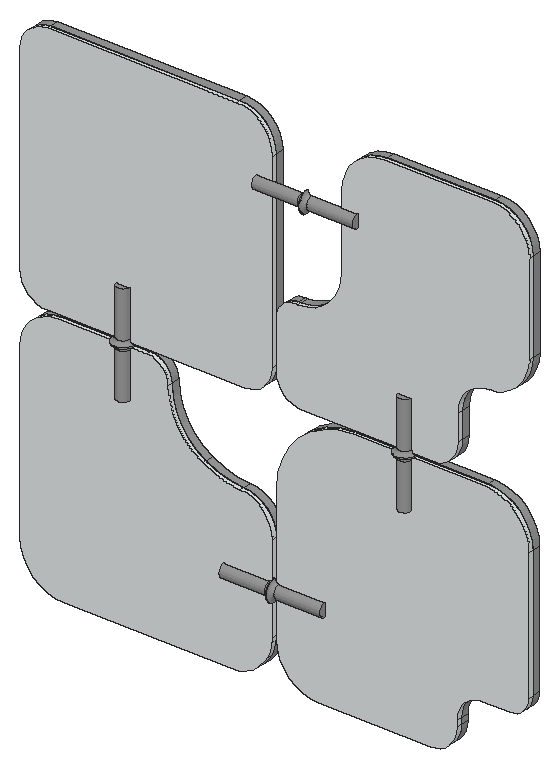
Revit family "ESPELHO BAMBU", category Sistema de mobiliário, Revit 2021
Family settings
  Cota do conector redondo = Utilizar diâmetro
  Tipo de parte = Normal
  Com base no plano de trabalho = Não
  Sempre na vertical = Sim
  Corte com vazios quando carregada = Não
  Compartilhado = Não
  Ponto de cálculo do ambiente = Não
Parameters
  Elevação padrão = 0.0 cm
Reference planes (cm)
  plane 1 "Centro (Frente/Trás)": y = 0
  plane 2: z = 0
  plane 3 "Centro (Esquerda/Direita)": x = 0
  plane 4: x = -22.5
  plane 5: x = 22.5
  plane 6: y = -25.5
  plane 7: y = 25.5
Forms (cm)
  Extrusion 1, solid, material "_LR. ESPELHO"
    sketch origin (0, 0, 0) x (1, 0, 0) y (0, 0, 1)
      loop
        line (41.851, 115.5437) -> (41.851, 68.5437)
        arc (41.851, 68.5437) -> (43.7548, 63.9475) -> (48.351, 62.0437) r 6.5
        line (48.351, 62.0437) -> (95.351, 62.0437)
        arc (95.351, 62.0437) -> (99.9472, 63.9475) -> (101.851, 68.5437) r 6.5
        line (101.851, 68.5437) -> (101.851, 113.5437)
        arc (101.851, 113.5437) -> (99.3614, 119.5541) -> (93.351, 122.0437) r 8.5
        line (93.351, 122.0437) -> (48.351, 122.0437)
        arc (48.351, 122.0437) -> (43.7548, 120.1399) -> (41.851, 115.5437) r 6.5
    from 0 to 1
  Extrusion 2, solid, material ".LR_MADEIRA NOGUEIRA THAY"
    sketch origin (0, 2, 0) x (1, 0, 0) y (0, 0, 1)
      loop
        line (41.851, 115.5437) -> (41.851, 68.5437)
        arc (41.851, 68.5437) -> (43.7548, 63.9475) -> (48.351, 62.0437) r 6.5
        line (48.351, 62.0437) -> (95.351, 62.0437)
        arc (95.351, 62.0437) -> (99.9472, 63.9475) -> (101.851, 68.5437) r 6.5
        line (101.851, 68.5437) -> (101.851, 113.5437)
        arc (101.851, 113.5437) -> (99.3614, 119.5541) -> (93.351, 122.0437) r 8.5
        line (93.351, 122.0437) -> (48.351, 122.0437)
        arc (48.351, 122.0437) -> (43.7548, 120.1399) -> (41.851, 115.5437) r 6.5
    from 0 to 2
  Extrusion 3, solid, material "_LR. ESPELHO"
    sketch origin (0, 0, 0) x (1, 0, 0) y (0, 0, 1)
      loop
        arc (128.3803, 122.115) -> (121.3086, 119.1858) -> (118.3794, 112.1141) r 10.0009
        line (118.3794, 112.1141) -> (118.3794, 94.625)
        arc (118.3794, 94.625) -> (115.303, 87.198) -> (107.8761, 84.1217) r 10.5033
        line (107.8761, 84.1217) -> (107.3606, 84.1217)
        arc (107.3606, 84.1217) -> (104.1718, 82.8008) -> (102.851, 79.612) r 4.5097
        line (102.851, 79.612) -> (102.851, 68.0577)
        arc (102.851, 68.0577) -> (104.625, 63.7749) -> (108.9078, 62.0009) r 6.0568
        line (108.9078, 62.0009) -> (139.8619, 62.0009)
        arc (139.8619, 62.0009) -> (144.2653, 63.8248) -> (146.0892, 68.2283) r 6.2274
        line (146.0892, 68.2283) -> (146.0892, 74.5696)
        arc (146.0892, 74.5696) -> (148.2725, 79.8405) -> (153.5434, 82.0237) r 7.4542
        line (153.5434, 82.0237) -> (153.1782, 82.0237)
        arc (153.1782, 82.0237) -> (160.038, 84.8652) -> (162.8794, 91.7249) r 9.7012
        line (162.8794, 91.7249) -> (162.8794, 113.2627)
        arc (162.8794, 113.2627) -> (160.2866, 119.5222) -> (154.0271, 122.115) r 8.8523
        line (154.0271, 122.115) -> (128.3803, 122.115)
    from 0 to 1
  Extrusion 4, solid, material "_LR. ESPELHO"
    sketch origin (0, 0, 0) x (1, 0, 0) y (0, 0, 1)
      loop
        line (52.351, 1.0437) -> (91.851, 1.0437)
        arc (91.851, 1.0437) -> (98.922, 3.9727) -> (101.851, 11.0437) r 10
        line (101.851, 11.0437) -> (101.851, 31.8886)
        arc (101.851, 31.8886) -> (99.6209, 37.4301) -> (94.174, 39.8821) r 8
        arc (94.174, 39.8821) -> (89.5349, 40.6078) -> (85.1828, 42.3704) r 20.4954
        arc (85.1828, 42.3704) -> (79.2425, 48.0965) -> (77.0507, 56.0508) r 15.6107
        arc (77.0507, 56.0508) -> (75.5837, 59.5818) -> (72.0507, 61.0437) r 5
        line (72.0507, 61.0437) -> (50.851, 61.0437)
        arc (50.851, 61.0437) -> (44.487, 58.4077) -> (41.851, 52.0437) r 9
        line (41.851, 52.0437) -> (41.851, 11.5437)
        arc (41.851, 11.5437) -> (44.9263, 4.1191) -> (52.351, 1.0437) r 10.5
    from 0 to 1
  Extrusion 5, solid, material ".LR_MADEIRA NOGUEIRA THAY"
    sketch origin (0, 1, 0) x (1, 0, 0) y (0, 0, 1)
      loop
        arc (128.3803, 122.115) -> (121.3086, 119.1858) -> (118.3794, 112.1141) r 10.0009
        line (118.3794, 112.1141) -> (118.3794, 94.625)
        arc (118.3794, 94.625) -> (115.303, 87.198) -> (107.8761, 84.1217) r 10.5033
        line (107.8761, 84.1217) -> (107.3606, 84.1217)
        arc (107.3606, 84.1217) -> (104.1718, 82.8008) -> (102.851, 79.612) r 4.5097
        line (102.851, 79.612) -> (102.851, 68.0577)
        arc (102.851, 68.0577) -> (104.625, 63.7749) -> (108.9078, 62.0009) r 6.0568
        line (108.9078, 62.0009) -> (139.8619, 62.0009)
        arc (139.8619, 62.0009) -> (144.2653, 63.8248) -> (146.0892, 68.2283) r 6.2274
        line (146.0892, 68.2283) -> (146.0892, 74.5696)
        arc (146.0892, 74.5696) -> (148.2725, 79.8405) -> (153.5434, 82.0237) r 7.4542
        line (153.5434, 82.0237) -> (153.1782, 82.0237)
        arc (153.1782, 82.0237) -> (160.038, 84.8652) -> (162.8794, 91.7249) r 9.7012
        line (162.8794, 91.7249) -> (162.8794, 113.2627)
        arc (162.8794, 113.2627) -> (160.2866, 119.5222) -> (154.0271, 122.115) r 8.8523
        line (154.0271, 122.115) -> (128.3803, 122.115)
    from -1 to 1
  Extrusion 6, solid, material ".LR_MADEIRA NOGUEIRA THAY"
    sketch origin (0, 1, 0) x (1, 0, 0) y (0, 0, 1)
      loop
        line (52.351, 1.0437) -> (91.851, 1.0437)
        arc (91.851, 1.0437) -> (98.922, 3.9727) -> (101.851, 11.0437) r 10
        line (101.851, 11.0437) -> (101.851, 31.8886)
        arc (101.851, 31.8886) -> (99.6209, 37.4301) -> (94.174, 39.8821) r 8
        arc (94.174, 39.8821) -> (89.5349, 40.6078) -> (85.1828, 42.3704) r 20.4954
        arc (85.1828, 42.3704) -> (79.2425, 48.0965) -> (77.0507, 56.0508) r 15.6107
        arc (77.0507, 56.0508) -> (75.5837, 59.5818) -> (72.0507, 61.0437) r 5
        line (72.0507, 61.0437) -> (50.851, 61.0437)
        arc (50.851, 61.0437) -> (44.487, 58.4077) -> (41.851, 52.0437) r 9
        line (41.851, 52.0437) -> (41.851, 11.5437)
        arc (41.851, 11.5437) -> (44.9263, 4.1191) -> (52.351, 1.0437) r 10.5
    from -1 to 1
  Extrusion 7, solid, material "_LR. ESPELHO"
    sketch origin (0, -1, 0) x (1, 0, 0) y (0, 0, 1)
      loop
        arc (139.351, 1.0437) -> (143.9472, 2.9475) -> (145.851, 7.5437) r 6.5
        line (145.851, 7.5437) -> (145.851, 9.0437)
        arc (145.851, 9.0437) -> (147.6083, 13.2864) -> (151.851, 15.0437) r 6
        line (151.851, 15.0437) -> (158.351, 15.0437)
        arc (158.351, 15.0437) -> (161.5329, 16.3618) -> (162.851, 19.5437) r 4.5
        line (162.851, 19.5437) -> (162.851, 50.5437)
        arc (162.851, 50.5437) -> (159.7756, 57.9684) -> (152.351, 61.0437) r 10.5
        line (152.351, 61.0437) -> (120.851, 61.0437)
        arc (120.851, 61.0437) -> (108.123, 55.7717) -> (102.851, 43.0437) r 18
        line (102.851, 43.0437) -> (102.851, 11.0437)
        arc (102.851, 11.0437) -> (105.7799, 3.9727) -> (112.851, 1.0437) r 10
        line (112.851, 1.0437) -> (139.351, 1.0437)
    from -1 to 0
  Extrusion 8, solid, material ".LR_MADEIRA NOGUEIRA THAY"
    sketch origin (0, 0, 0) x (1, 0, 0) y (0, 0, 1)
      loop
        arc (139.351, 1.0437) -> (143.9472, 2.9475) -> (145.851, 7.5437) r 6.5
        line (145.851, 7.5437) -> (145.851, 9.0437)
        arc (145.851, 9.0437) -> (147.6083, 13.2864) -> (151.851, 15.0437) r 6
        line (151.851, 15.0437) -> (158.351, 15.0437)
        arc (158.351, 15.0437) -> (161.5329, 16.3618) -> (162.851, 19.5437) r 4.5
        line (162.851, 19.5437) -> (162.851, 50.5437)
        arc (162.851, 50.5437) -> (159.7756, 57.9684) -> (152.351, 61.0437) r 10.5
        line (152.351, 61.0437) -> (120.851, 61.0437)
        arc (120.851, 61.0437) -> (108.123, 55.7717) -> (102.851, 43.0437) r 18
        line (102.851, 43.0437) -> (102.851, 11.0437)
        arc (102.851, 11.0437) -> (105.7799, 3.9727) -> (112.851, 1.0437) r 10
        line (112.851, 1.0437) -> (139.351, 1.0437)
    from -2 to 0
  Revolve 9, solid, material ".LR_MADEIRA NOGUEIRA THAY"
    sketch origin (41.8226, -1, 122.0993) x (-1, 0, 0) y (0, 0, -1)
      loop
        line (-24.4991, 48.5) -> (-22.9991, 48.5) -> (-22.9991, 59.3975)
        arc (-22.9991, 59.3975) -> (-22.7062, 60.1046) -> (-21.9991, 60.3975) r 1
        line (-21.9991, 60.3975) -> (-21.9991, 60.6025)
        arc (-21.9991, 60.6025) -> (-22.7062, 60.8954) -> (-22.9991, 61.6025) r 1
        line (-22.9991, 61.6025) -> (-22.9991, 72.5) -> (-24.4991, 72.5) -> (-24.4991, 48.5)
      axis (-24.4991, 48.5) -> (-24.4991, 72.5)
    angle from 0 to 360
  Revolve 10, solid, material ".LR_MADEIRA NOGUEIRA THAY"
    sketch origin (49.5766, -1, 82.355) x (0, 0, -1) y (1, 0, 0)
      loop
        line (-24.4991, 48.5) -> (-22.9991, 48.5) -> (-22.9991, 59.3975)
        arc (-22.9991, 59.3975) -> (-22.7062, 60.1046) -> (-21.9991, 60.3975) r 1
        line (-21.9991, 60.3975) -> (-21.9991, 60.6025)
        arc (-21.9991, 60.6025) -> (-22.7062, 60.8954) -> (-22.9991, 61.6025) r 1
        line (-22.9991, 61.6025) -> (-22.9991, 72.5) -> (-24.4991, 72.5) -> (-24.4991, 48.5)
      axis (-24.4991, 48.5) -> (-24.4991, 72.5)
    angle from 0 to 360
  Revolve 11, solid, material ".LR_MADEIRA NOGUEIRA THAY"
    sketch origin (108.8226, -1, 122.0993) x (-1, 0, 0) y (0, 0, -1)
      loop
        line (-24.4991, 48.5) -> (-22.9991, 48.5) -> (-22.9991, 59.3975)
        arc (-22.9991, 59.3975) -> (-22.7062, 60.1046) -> (-21.9991, 60.3975) r 1
        line (-21.9991, 60.3975) -> (-21.9991, 60.6025)
        arc (-21.9991, 60.6025) -> (-22.7062, 60.8954) -> (-22.9991, 61.6025) r 1
        line (-22.9991, 61.6025) -> (-22.9991, 72.5) -> (-24.4991, 72.5) -> (-24.4991, 48.5)
      axis (-24.4991, 48.5) -> (-24.4991, 72.5)
    angle from 0 to 360
  Revolve 12, solid, material ".LR_MADEIRA NOGUEIRA THAY"
    sketch origin (42.5205, -1, -3.1323) x (0, 0, -1) y (1, 0, 0)
      loop
        line (-24.4991, 47.8125) -> (-22.9991, 47.8125) -> (-22.9991, 58.71)
        arc (-22.9991, 58.71) -> (-22.7062, 59.4171) -> (-21.9991, 59.71) r 1
        line (-21.9991, 59.71) -> (-21.9991, 59.915)
        arc (-21.9991, 59.915) -> (-22.7062, 60.2079) -> (-22.9991, 60.915) r 1
        line (-22.9991, 60.915) -> (-22.9991, 71.8125) -> (-24.4991, 71.8125) -> (-24.4991, 47.8125)
      axis (-24.4991, 47.8125) -> (-24.4991, 71.8125)
    angle from 0 to 360
  Extrusion 13, void
    sketch origin (41.851, 2, 122.0437) x (0, 0, 1) y (0, -1, 0)
      loop
        line (0, 3) -> (-121, 3) -> (-121, 0) -> (0, 0) -> (0, 3)
    from 0 to 121.0284
Cuts and joins
  Extrusion 13 cuts Revolve 9
  Extrusion 13 cuts Revolve 10
  Extrusion 13 cuts Revolve 12
  Extrusion 13 cuts Revolve 11
Dimensions and locks (cm)
  equal spacing: plane 6, plane 1 "Centro (Frente/Trás)", plane 7
  equal spacing: plane 4, plane 3 "Centro (Esquerda/Direita)", plane 5
  aligned and locked: level to plane 2
Automatic sketch dimensions
  plane 5 to Extrusion 1 sketch curve = 19.351 cm
  Extrusion 1 sketch curve to Extrusion 1 sketch curve = 6.5 cm  (x2)
  Extrusion 1 sketch curve to Extrusion 1 sketch curve = 45.0 cm  (x2)
  Extrusion 1 sketch curve to Extrusion 1 sketch curve = 47.0 cm
  Extrusion 1 sketch curve to Extrusion 1 sketch curve = 8.5 cm
  level to Extrusion 1 sketch curve = 62.0437 cm
  plane 5 to Extrusion 2 sketch curve = 19.351 cm
  Extrusion 2 sketch curve to Extrusion 2 sketch curve = 6.5 cm  (x2)
  Extrusion 2 sketch curve to Extrusion 2 sketch curve = 45.0 cm  (x2)
  Extrusion 2 sketch curve to Extrusion 2 sketch curve = 47.0 cm
  Extrusion 2 sketch curve to Extrusion 2 sketch curve = 8.5 cm
  level to Extrusion 2 sketch curve = 62.0437 cm
  plane 5 to Extrusion 3 sketch curve = 80.351 cm
  Extrusion 3 sketch curve to Extrusion 3 sketch curve = 4.5097 cm
  Extrusion 3 sketch curve to Extrusion 3 sketch curve = 0.5155 cm
  Extrusion 3 sketch curve to Extrusion 3 sketch curve = 6.0568 cm
  Extrusion 3 sketch curve to Extrusion 3 sketch curve = 10.5033 cm
  Extrusion 3 sketch curve to Extrusion 3 sketch curve = 10.0009 cm
  Extrusion 3 sketch curve to Extrusion 3 sketch curve = 30.9541 cm
  Extrusion 3 sketch curve to Extrusion 3 sketch curve = 6.2274 cm
  Extrusion 3 sketch curve to Extrusion 3 sketch curve = 7.0889 cm
  Extrusion 3 sketch curve to Extrusion 3 sketch curve = 7.4542 cm
  Extrusion 3 sketch curve to Extrusion 3 sketch curve = 0.8489 cm
  Extrusion 3 sketch curve to Extrusion 3 sketch curve = 8.8523 cm
  level to Extrusion 3 sketch curve = 62.0009 cm
  Extrusion 3 sketch curve to Extrusion 3 sketch curve = 6.3413 cm
  Extrusion 3 sketch curve to Extrusion 3 sketch curve = 11.5543 cm
  Extrusion 3 sketch curve to Extrusion 3 sketch curve = 17.4891 cm
  plane 5 to Extrusion 4 sketch curve = 19.351 cm
  Extrusion 4 sketch curve to Extrusion 4 sketch curve = 9.0 cm
  Extrusion 4 sketch curve to Extrusion 4 sketch curve = 10.5 cm
  Extrusion 4 sketch curve to Extrusion 4 sketch curve = 21.1998 cm
  level to Extrusion 4 sketch curve = 1.0437 cm
  Extrusion 4 sketch curve to Extrusion 4 sketch curve = 39.5 cm
  Extrusion 4 sketch curve to Extrusion 4 sketch curve = 20.6106 cm
  Extrusion 4 sketch curve to Extrusion 4 sketch curve = 2.0 cm
  Extrusion 4 sketch curve to Extrusion 4 sketch curve = 2.3402 cm
  Extrusion 4 sketch curve to Extrusion 4 sketch curve = 10.0 cm
  Extrusion 4 sketch curve to Extrusion 4 sketch curve = 20.8448 cm
  Extrusion 4 sketch curve to Extrusion 4 sketch curve = 40.5 cm
  Extrusion 4 sketch curve to Extrusion 4 sketch curve = 5.0 cm
  Extrusion 4 sketch curve to Extrusion 4 sketch curve = 0.0293 cm
  Extrusion 4 sketch curve to Extrusion 4 sketch curve = 4.2877 cm
  Extrusion 4 sketch curve to Extrusion 4 sketch curve = 0.0 cm  (x2)
  plane 5 to Extrusion 5 sketch curve = 80.351 cm
  Extrusion 5 sketch curve to Extrusion 5 sketch curve = 4.5097 cm
  Extrusion 5 sketch curve to Extrusion 5 sketch curve = 0.5155 cm
  Extrusion 5 sketch curve to Extrusion 5 sketch curve = 6.0568 cm
  Extrusion 5 sketch curve to Extrusion 5 sketch curve = 10.5033 cm
  Extrusion 5 sketch curve to Extrusion 5 sketch curve = 10.0009 cm
  Extrusion 5 sketch curve to Extrusion 5 sketch curve = 30.9541 cm
  Extrusion 5 sketch curve to Extrusion 5 sketch curve = 6.2274 cm
  Extrusion 5 sketch curve to Extrusion 5 sketch curve = 7.0889 cm
  Extrusion 5 sketch curve to Extrusion 5 sketch curve = 7.4542 cm
  Extrusion 5 sketch curve to Extrusion 5 sketch curve = 0.8489 cm
  Extrusion 5 sketch curve to Extrusion 5 sketch curve = 8.8523 cm
  level to Extrusion 5 sketch curve = 62.0009 cm
  Extrusion 5 sketch curve to Extrusion 5 sketch curve = 6.3413 cm
  Extrusion 5 sketch curve to Extrusion 5 sketch curve = 11.5543 cm
  Extrusion 5 sketch curve to Extrusion 5 sketch curve = 17.4891 cm
  plane 5 to Extrusion 6 sketch curve = 19.351 cm
  Extrusion 6 sketch curve to Extrusion 6 sketch curve = 9.0 cm
  Extrusion 6 sketch curve to Extrusion 6 sketch curve = 10.5 cm
  Extrusion 6 sketch curve to Extrusion 6 sketch curve = 21.1998 cm
  level to Extrusion 6 sketch curve = 1.0437 cm
  Extrusion 6 sketch curve to Extrusion 6 sketch curve = 39.5 cm
  Extrusion 6 sketch curve to Extrusion 6 sketch curve = 20.6106 cm
  Extrusion 6 sketch curve to Extrusion 6 sketch curve = 2.0 cm
  Extrusion 6 sketch curve to Extrusion 6 sketch curve = 2.3402 cm
  Extrusion 6 sketch curve to Extrusion 6 sketch curve = 10.0 cm
  Extrusion 6 sketch curve to Extrusion 6 sketch curve = 20.8448 cm
  Extrusion 6 sketch curve to Extrusion 6 sketch curve = 40.5 cm
  Extrusion 6 sketch curve to Extrusion 6 sketch curve = 5.0 cm
  Extrusion 6 sketch curve to Extrusion 6 sketch curve = 0.0293 cm
  Extrusion 6 sketch curve to Extrusion 6 sketch curve = 4.2877 cm
  Extrusion 6 sketch curve to Extrusion 6 sketch curve = 0.0 cm  (x2)
  Extrusion 3 to Extrusion 7 sketch curve = 0.0 cm
  Extrusion 3 to Extrusion 7 sketch curve = 5.5284 cm
  Extrusion 7 sketch curve to Extrusion 3 = 2.4716 cm
  Extrusion 7 sketch curve to Extrusion 3 = 6.7383 cm
  Extrusion 7 sketch curve to Extrusion 3 = 0.2383 cm
  Extrusion 3 to Extrusion 7 sketch curve = 5.7617 cm
  Extrusion 3 to Extrusion 7 sketch curve = 6.2617 cm
  Extrusion 7 sketch curve to Extrusion 3 = 4.5284 cm
  Extrusion 7 sketch curve to Extrusion 3 = 0.0284 cm
  Extrusion 3 to Extrusion 7 sketch curve = 60.9572 cm
  Extrusion 7 sketch curve to Extrusion 7 sketch curve = 1.5 cm
  Extrusion 3 to Extrusion 7 sketch curve = 18.9572 cm
  level to Extrusion 8 sketch curve = 11.0437 cm
  plane 5 to Extrusion 8 sketch curve = 80.351 cm
  level to Extrusion 8 sketch curve = 1.0437 cm
  Extrusion 8 sketch curve to Extrusion 8 sketch curve = 18.0 cm
  Extrusion 8 sketch curve to Extrusion 8 sketch curve = 26.5 cm
  Extrusion 8 sketch curve to Extrusion 8 sketch curve = 6.5 cm  (x2)
  Extrusion 8 sketch curve to Extrusion 8 sketch curve = 6.0 cm
  Extrusion 8 sketch curve to Extrusion 8 sketch curve = 31.5 cm
  Extrusion 8 sketch curve to Extrusion 8 sketch curve = 10.5 cm
  Extrusion 8 sketch curve to Extrusion 8 sketch curve = 1.5 cm
  Extrusion 8 sketch curve to Extrusion 8 sketch curve = 32.0 cm
  plane 5 to Revolve 9 sketch curve = 43.8217 cm
  plane 5 to Revolve 9 sketch curve = 42.3217 cm
  Revolve 9 sketch curve to Revolve 9 sketch curve = 1.5 cm
  Revolve 9 sketch curve to Revolve 9 sketch curve = 1.0 cm
  level to Revolve 9 sketch curve = 73.5993 cm
  Revolve 9 sketch curve to Revolve 9 sketch curve = 10.8975 cm  (x2)
  Revolve 9 sketch curve to Revolve 9 sketch curve = 0.205 cm
  Revolve 9 sketch curve to Revolve 9 sketch curve = 0.0 cm
  Revolve 9 sketch curve to Revolve 9 sketch curve = 2.8147 cm
  Revolve 9 sketch curve to Revolve 9 sketch curve = 2.6853 cm
  plane 5 to Revolve 10 sketch curve = 75.5766 cm
  level to Revolve 10 sketch curve = 106.8541 cm
  Revolve 10 sketch curve to Revolve 10 sketch curve = 1.5 cm  (x2)
  Revolve 10 sketch curve to Revolve 10 sketch curve = 1.0 cm
  Revolve 10 sketch curve to Revolve 10 sketch curve = 10.8975 cm  (x2)
  Revolve 10 sketch curve to Revolve 10 sketch curve = 0.205 cm
  Revolve 10 sketch curve to Revolve 10 sketch curve = 0.0 cm
  Revolve 10 sketch curve to Revolve 10 sketch curve = 2.8147 cm
  Revolve 10 sketch curve to Revolve 10 sketch curve = 0.1853 cm
  plane 5 to Revolve 11 sketch curve = 110.8217 cm
  Revolve 11 sketch curve to Revolve 11 sketch curve = 1.5 cm  (x2)
  Revolve 11 sketch curve to Revolve 11 sketch curve = 1.0 cm
  level to Revolve 11 sketch curve = 73.5993 cm
  Revolve 11 sketch curve to Revolve 11 sketch curve = 10.8975 cm  (x2)
  Revolve 11 sketch curve to Revolve 11 sketch curve = 0.205 cm
  Revolve 11 sketch curve to Revolve 11 sketch curve = 0.0 cm
  Revolve 11 sketch curve to Revolve 11 sketch curve = 2.8147 cm
  Revolve 11 sketch curve to Revolve 11 sketch curve = 2.6853 cm
  level to Revolve 12 sketch curve = 21.3668 cm
  Revolve 12 sketch curve to Revolve 12 sketch curve = 1.5 cm  (x2)
  Revolve 12 sketch curve to Revolve 12 sketch curve = 1.0 cm
  plane 5 to Revolve 12 sketch curve = 67.833 cm
  Revolve 12 sketch curve to Revolve 12 sketch curve = 10.8975 cm  (x2)
  Revolve 12 sketch curve to Revolve 12 sketch curve = 0.205 cm
  Revolve 12 sketch curve to Revolve 12 sketch curve = 0.0 cm
  Revolve 12 sketch curve to Revolve 12 sketch curve = 2.8147 cm
  Revolve 12 sketch curve to Revolve 12 sketch curve = 2.6853 cm
  Extrusion 13 sketch curve to Extrusion 2 = 0.0 cm
  Extrusion 2 to Extrusion 13 sketch curve = 1.0 cm
  Extrusion 2 to Extrusion 13 sketch curve = 67.5 cm
  Extrusion 2 to Extrusion 13 sketch curve = 6.5 cm
